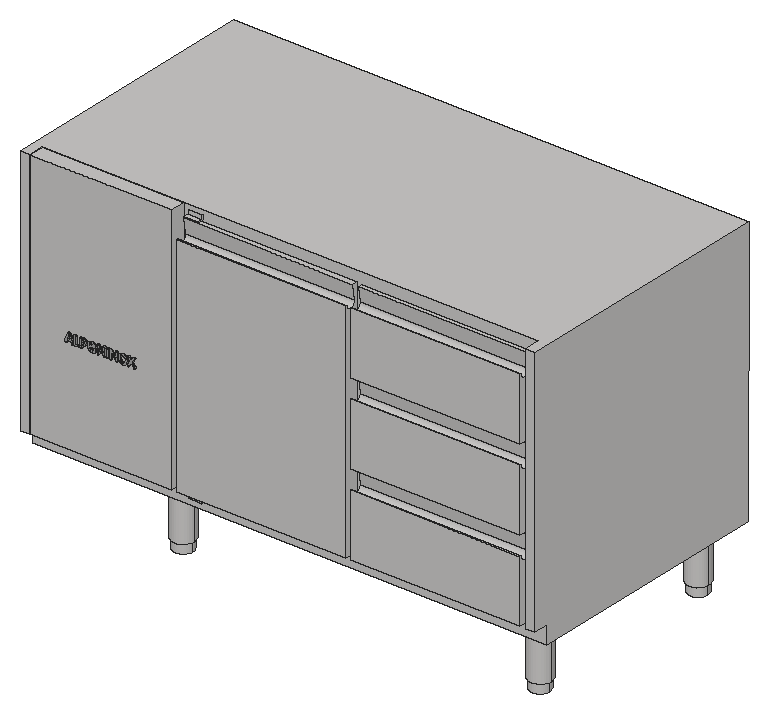
Revit family "QF_ALPENINOX_712009_AH2H7AC", category Specialty Equipment, Revit 2018 (continued)
Definition of nested family "ALP_Cooling Unit"
  Lines and regions (mm)
    Split face 125
      outline origin (55.016, 2, -221.122) x (0, 0, 1) y (-1, 0, 0)
        loop
          arc (510.649, 158.547) -> (506.648, 162.548) -> (502.647, 158.547) r 4.001
          line (502.647, 158.547) -> (502.647, 116.535)
          arc (502.647, 116.535) -> (506.648, 112.533) -> (510.649, 116.535) r 4.001
          line (510.649, 116.535) -> (510.649, 158.547)
    Split face 126
      outline origin (55.016, 2, -233.126) x (0, 0, 1) y (-1, 0, 0)
        loop
          arc (510.649, 158.547) -> (506.648, 162.548) -> (502.647, 158.547) r 4.001
          line (502.647, 158.547) -> (502.647, 116.535)
          arc (502.647, 116.535) -> (506.648, 112.533) -> (510.649, 116.535) r 4.001
          line (510.649, 116.535) -> (510.649, 158.547)
    Split face 127
      outline origin (55.016, 2, -245.129) x (0, 0, 1) y (-1, 0, 0)
        loop
          arc (510.649, 158.547) -> (506.648, 162.548) -> (502.647, 158.547) r 4.001
          line (502.647, 158.547) -> (502.647, 116.535)
          arc (502.647, 116.535) -> (506.648, 112.533) -> (510.649, 116.535) r 4.001
          line (510.649, 116.535) -> (510.649, 158.547)
    Split face 128
      outline origin (55.016, 2, -257.133) x (0, 0, 1) y (-1, 0, 0)
        loop
          arc (510.649, 158.547) -> (506.648, 162.548) -> (502.647, 158.547) r 4.001
          line (502.647, 158.547) -> (502.647, 116.535)
          arc (502.647, 116.535) -> (506.648, 112.533) -> (510.649, 116.535) r 4.001
          line (510.649, 116.535) -> (510.649, 158.547)
    Split face 129
      outline origin (55.016, 2, -269.136) x (0, 0, 1) y (-1, 0, 0)
        loop
          arc (510.649, 158.547) -> (506.648, 162.548) -> (502.647, 158.547) r 4.001
          line (502.647, 158.547) -> (502.647, 116.535)
          arc (502.647, 116.535) -> (506.648, 112.533) -> (510.649, 116.535) r 4.001
          line (510.649, 116.535) -> (510.649, 158.547)
    Split face 130
      outline origin (55.016, 2, -281.14) x (0, 0, 1) y (-1, 0, 0)
        loop
          arc (510.649, 158.547) -> (506.648, 162.548) -> (502.647, 158.547) r 4.001
          line (502.647, 158.547) -> (502.647, 116.535)
          arc (502.647, 116.535) -> (506.648, 112.533) -> (510.649, 116.535) r 4.001
          line (510.649, 116.535) -> (510.649, 158.547)
    Split face 131
      outline origin (55.016, 2, -293.144) x (0, 0, 1) y (-1, 0, 0)
        loop
          arc (510.649, 158.547) -> (506.648, 162.548) -> (502.647, 158.547) r 4.001
          line (502.647, 158.547) -> (502.647, 116.535)
          arc (502.647, 116.535) -> (506.648, 112.533) -> (510.649, 116.535) r 4.001
          line (510.649, 116.535) -> (510.649, 158.547)
    Split face 132
      outline origin (110.032, 2, -113.091) x (0, 0, 1) y (-1, 0, 0)
        loop
          arc (510.649, 158.547) -> (506.648, 162.548) -> (502.647, 158.547) r 4.001
          line (502.647, 158.547) -> (502.647, 116.535)
          arc (502.647, 116.535) -> (506.648, 112.533) -> (510.649, 116.535) r 4.001
          line (510.649, 116.535) -> (510.649, 158.547)
    Split face 133
      outline origin (110.032, 2, -125.094) x (0, 0, 1) y (-1, 0, 0)
        loop
          arc (510.649, 158.547) -> (506.648, 162.548) -> (502.647, 158.547) r 4.001
          line (502.647, 158.547) -> (502.647, 116.535)
          arc (502.647, 116.535) -> (506.648, 112.533) -> (510.649, 116.535) r 4.001
          line (510.649, 116.535) -> (510.649, 158.547)
    Split face 134
      outline origin (110.032, 2, -137.098) x (0, 0, 1) y (-1, 0, 0)
        loop
          arc (510.649, 158.547) -> (506.648, 162.548) -> (502.647, 158.547) r 4.001
          line (502.647, 158.547) -> (502.647, 116.535)
          arc (502.647, 116.535) -> (506.648, 112.533) -> (510.649, 116.535) r 4.001
          line (510.649, 116.535) -> (510.649, 158.547)
    Split face 135
      outline origin (110.032, 2, -149.101) x (0, 0, 1) y (-1, 0, 0)
        loop
          arc (510.649, 158.547) -> (506.648, 162.548) -> (502.647, 158.547) r 4.001
          line (502.647, 158.547) -> (502.647, 116.535)
          arc (502.647, 116.535) -> (506.648, 112.533) -> (510.649, 116.535) r 4.001
          line (510.649, 116.535) -> (510.649, 158.547)
    Split face 136
      outline origin (110.032, 2, -161.105) x (0, 0, 1) y (-1, 0, 0)
        loop
          arc (510.649, 158.547) -> (506.648, 162.548) -> (502.647, 158.547) r 4.001
          line (502.647, 158.547) -> (502.647, 116.535)
          arc (502.647, 116.535) -> (506.648, 112.533) -> (510.649, 116.535) r 4.001
          line (510.649, 116.535) -> (510.649, 158.547)
    Split face 137
      outline origin (110.032, 2, -173.108) x (0, 0, 1) y (-1, 0, 0)
        loop
          arc (510.649, 158.547) -> (506.648, 162.548) -> (502.647, 158.547) r 4.001
          line (502.647, 158.547) -> (502.647, 116.535)
          arc (502.647, 116.535) -> (506.648, 112.533) -> (510.649, 116.535) r 4.001
          line (510.649, 116.535) -> (510.649, 158.547)
    Split face 138
      outline origin (110.032, 2, -185.112) x (0, 0, 1) y (-1, 0, 0)
        loop
          arc (510.649, 158.547) -> (506.648, 162.548) -> (502.647, 158.547) r 4.001
          line (502.647, 158.547) -> (502.647, 116.535)
          arc (502.647, 116.535) -> (506.648, 112.533) -> (510.649, 116.535) r 4.001
          line (510.649, 116.535) -> (510.649, 158.547)
    Split face 139
      outline origin (110.032, 2, -197.115) x (0, 0, 1) y (-1, 0, 0)
        loop
          arc (510.649, 158.547) -> (506.648, 162.548) -> (502.647, 158.547) r 4.001
          line (502.647, 158.547) -> (502.647, 116.535)
          arc (502.647, 116.535) -> (506.648, 112.533) -> (510.649, 116.535) r 4.001
          line (510.649, 116.535) -> (510.649, 158.547)
    Split face 140
      outline origin (110.032, 2, -209.119) x (0, 0, 1) y (-1, 0, 0)
        loop
          arc (510.649, 158.547) -> (506.648, 162.548) -> (502.647, 158.547) r 4.001
          line (502.647, 158.547) -> (502.647, 116.535)
          arc (502.647, 116.535) -> (506.648, 112.533) -> (510.649, 116.535) r 4.001
          line (510.649, 116.535) -> (510.649, 158.547)
    Split face 141
      outline origin (110.032, 2, -221.122) x (0, 0, 1) y (-1, 0, 0)
        loop
          arc (510.649, 158.547) -> (506.648, 162.548) -> (502.647, 158.547) r 4.001
          line (502.647, 158.547) -> (502.647, 116.535)
          arc (502.647, 116.535) -> (506.648, 112.533) -> (510.649, 116.535) r 4.001
          line (510.649, 116.535) -> (510.649, 158.547)
    Split face 142
      outline origin (110.032, 2, -233.126) x (0, 0, 1) y (-1, 0, 0)
        loop
          arc (510.649, 158.547) -> (506.648, 162.548) -> (502.647, 158.547) r 4.001
          line (502.647, 158.547) -> (502.647, 116.535)
          arc (502.647, 116.535) -> (506.648, 112.533) -> (510.649, 116.535) r 4.001
          line (510.649, 116.535) -> (510.649, 158.547)
    Split face 143
      outline origin (110.032, 2, -245.129) x (0, 0, 1) y (-1, 0, 0)
        loop
          arc (510.649, 158.547) -> (506.648, 162.548) -> (502.647, 158.547) r 4.001
          line (502.647, 158.547) -> (502.647, 116.535)
          arc (502.647, 116.535) -> (506.648, 112.533) -> (510.649, 116.535) r 4.001
          line (510.649, 116.535) -> (510.649, 158.547)
    Split face 144
      outline origin (110.032, 2, -257.133) x (0, 0, 1) y (-1, 0, 0)
        loop
          arc (510.649, 158.547) -> (506.648, 162.548) -> (502.647, 158.547) r 4.001
          line (502.647, 158.547) -> (502.647, 116.535)
          arc (502.647, 116.535) -> (506.648, 112.533) -> (510.649, 116.535) r 4.001
          line (510.649, 116.535) -> (510.649, 158.547)
    Split face 145
      outline origin (110.032, 2, -269.136) x (0, 0, 1) y (-1, 0, 0)
        loop
          arc (510.649, 158.547) -> (506.648, 162.548) -> (502.647, 158.547) r 4.001
          line (502.647, 158.547) -> (502.647, 116.535)
          arc (502.647, 116.535) -> (506.648, 112.533) -> (510.649, 116.535) r 4.001
          line (510.649, 116.535) -> (510.649, 158.547)
    Split face 146
      outline origin (110.032, 2, -281.14) x (0, 0, 1) y (-1, 0, 0)
        loop
          arc (510.649, 158.547) -> (506.648, 162.548) -> (502.647, 158.547) r 4.001
          line (502.647, 158.547) -> (502.647, 116.535)
          arc (502.647, 116.535) -> (506.648, 112.533) -> (510.649, 116.535) r 4.001
          line (510.649, 116.535) -> (510.649, 158.547)
    Split face 147
      outline origin (110.032, 2, -293.144) x (0, 0, 1) y (-1, 0, 0)
        loop
          arc (510.649, 158.547) -> (506.648, 162.548) -> (502.647, 158.547) r 4.001
          line (502.647, 158.547) -> (502.647, 116.535)
          arc (502.647, 116.535) -> (506.648, 112.533) -> (510.649, 116.535) r 4.001
          line (510.649, 116.535) -> (510.649, 158.547)
    Split face 148
      outline origin (165.048, 2, -113.091) x (0, 0, 1) y (-1, 0, 0)
        loop
          arc (510.649, 158.547) -> (506.648, 162.548) -> (502.647, 158.547) r 4.001
          line (502.647, 158.547) -> (502.647, 116.535)
          arc (502.647, 116.535) -> (506.648, 112.533) -> (510.649, 116.535) r 4.001
          line (510.649, 116.535) -> (510.649, 158.547)
    Split face 149
      outline origin (165.048, 2, -125.094) x (0, 0, 1) y (-1, 0, 0)
        loop
          arc (510.649, 158.547) -> (506.648, 162.548) -> (502.647, 158.547) r 4.001
          line (502.647, 158.547) -> (502.647, 116.535)
          arc (502.647, 116.535) -> (506.648, 112.533) -> (510.649, 116.535) r 4.001
          line (510.649, 116.535) -> (510.649, 158.547)
    Split face 150
      outline origin (165.048, 2, -137.098) x (0, 0, 1) y (-1, 0, 0)
        loop
          arc (510.649, 158.547) -> (506.648, 162.548) -> (502.647, 158.547) r 4.001
          line (502.647, 158.547) -> (502.647, 116.535)
          arc (502.647, 116.535) -> (506.648, 112.533) -> (510.649, 116.535) r 4.001
          line (510.649, 116.535) -> (510.649, 158.547)
    Split face 151
      outline origin (165.048, 2, -149.101) x (0, 0, 1) y (-1, 0, 0)
        loop
          arc (510.649, 158.547) -> (506.648, 162.548) -> (502.647, 158.547) r 4.001
          line (502.647, 158.547) -> (502.647, 116.535)
          arc (502.647, 116.535) -> (506.648, 112.533) -> (510.649, 116.535) r 4.001
          line (510.649, 116.535) -> (510.649, 158.547)
    Split face 152
      outline origin (165.048, 2, -161.105) x (0, 0, 1) y (-1, 0, 0)
        loop
          arc (510.649, 158.547) -> (506.648, 162.548) -> (502.647, 158.547) r 4.001
          line (502.647, 158.547) -> (502.647, 116.535)
          arc (502.647, 116.535) -> (506.648, 112.533) -> (510.649, 116.535) r 4.001
          line (510.649, 116.535) -> (510.649, 158.547)
    Split face 153
      outline origin (165.048, 2, -173.108) x (0, 0, 1) y (-1, 0, 0)
        loop
          arc (510.649, 158.547) -> (506.648, 162.548) -> (502.647, 158.547) r 4.001
          line (502.647, 158.547) -> (502.647, 116.535)
          arc (502.647, 116.535) -> (506.648, 112.533) -> (510.649, 116.535) r 4.001
          line (510.649, 116.535) -> (510.649, 158.547)
    Split face 154
      outline origin (165.048, 2, -185.112) x (0, 0, 1) y (-1, 0, 0)
        loop
          arc (510.649, 158.547) -> (506.648, 162.548) -> (502.647, 158.547) r 4.001
          line (502.647, 158.547) -> (502.647, 116.535)
          arc (502.647, 116.535) -> (506.648, 112.533) -> (510.649, 116.535) r 4.001
          line (510.649, 116.535) -> (510.649, 158.547)
    Split face 155
      outline origin (165.048, 2, -197.115) x (0, 0, 1) y (-1, 0, 0)
        loop
          arc (510.649, 158.547) -> (506.648, 162.548) -> (502.647, 158.547) r 4.001
          line (502.647, 158.547) -> (502.647, 116.535)
          arc (502.647, 116.535) -> (506.648, 112.533) -> (510.649, 116.535) r 4.001
          line (510.649, 116.535) -> (510.649, 158.547)
    Split face 156
      outline origin (165.048, 2, -209.119) x (0, 0, 1) y (-1, 0, 0)
        loop
          arc (510.649, 158.547) -> (506.648, 162.548) -> (502.647, 158.547) r 4.001
          line (502.647, 158.547) -> (502.647, 116.535)
          arc (502.647, 116.535) -> (506.648, 112.533) -> (510.649, 116.535) r 4.001
          line (510.649, 116.535) -> (510.649, 158.547)
    Split face 157
      outline origin (165.048, 2, -221.122) x (0, 0, 1) y (-1, 0, 0)
        loop
          arc (510.649, 158.547) -> (506.648, 162.548) -> (502.647, 158.547) r 4.001
          line (502.647, 158.547) -> (502.647, 116.535)
          arc (502.647, 116.535) -> (506.648, 112.533) -> (510.649, 116.535) r 4.001
          line (510.649, 116.535) -> (510.649, 158.547)
    Split face 158
      outline origin (165.048, 2, -233.126) x (0, 0, 1) y (-1, 0, 0)
        loop
          arc (510.649, 158.547) -> (506.648, 162.548) -> (502.647, 158.547) r 4.001
          line (502.647, 158.547) -> (502.647, 116.535)
          arc (502.647, 116.535) -> (506.648, 112.533) -> (510.649, 116.535) r 4.001
          line (510.649, 116.535) -> (510.649, 158.547)
    Split face 159
      outline origin (165.048, 2, -245.129) x (0, 0, 1) y (-1, 0, 0)
        loop
          arc (510.649, 158.547) -> (506.648, 162.548) -> (502.647, 158.547) r 4.001
          line (502.647, 158.547) -> (502.647, 116.535)
          arc (502.647, 116.535) -> (506.648, 112.533) -> (510.649, 116.535) r 4.001
          line (510.649, 116.535) -> (510.649, 158.547)
    Split face 160
      outline origin (165.048, 2, -257.133) x (0, 0, 1) y (-1, 0, 0)
        loop
          arc (510.649, 158.547) -> (506.648, 162.548) -> (502.647, 158.547) r 4.001
          line (502.647, 158.547) -> (502.647, 116.535)
          arc (502.647, 116.535) -> (506.648, 112.533) -> (510.649, 116.535) r 4.001
          line (510.649, 116.535) -> (510.649, 158.547)
    Split face 161
      outline origin (165.048, 2, -269.136) x (0, 0, 1) y (-1, 0, 0)
        loop
          arc (510.649, 158.547) -> (506.648, 162.548) -> (502.647, 158.547) r 4.001
          line (502.647, 158.547) -> (502.647, 116.535)
          arc (502.647, 116.535) -> (506.648, 112.533) -> (510.649, 116.535) r 4.001
          line (510.649, 116.535) -> (510.649, 158.547)
    Split face 162
      outline origin (165.048, 2, -281.14) x (0, 0, 1) y (-1, 0, 0)
        loop
          arc (510.649, 158.547) -> (506.648, 162.548) -> (502.647, 158.547) r 4.001
          line (502.647, 158.547) -> (502.647, 116.535)
          arc (502.647, 116.535) -> (506.648, 112.533) -> (510.649, 116.535) r 4.001
          line (510.649, 116.535) -> (510.649, 158.547)
    Split face 163
      outline origin (165.048, 2, -293.144) x (0, 0, 1) y (-1, 0, 0)
        loop
          arc (510.649, 158.547) -> (506.648, 162.548) -> (502.647, 158.547) r 4.001
          line (502.647, 158.547) -> (502.647, 116.535)
          arc (502.647, 116.535) -> (506.648, 112.533) -> (510.649, 116.535) r 4.001
          line (510.649, 116.535) -> (510.649, 158.547)
    Split face 164
      outline origin (220.064, 2, -113.091) x (0, 0, 1) y (-1, 0, 0)
        loop
          arc (510.649, 158.547) -> (506.648, 162.548) -> (502.647, 158.547) r 4.001
          line (502.647, 158.547) -> (502.647, 116.535)
          arc (502.647, 116.535) -> (506.648, 112.533) -> (510.649, 116.535) r 4.001
          line (510.649, 116.535) -> (510.649, 158.547)
    Split face 165
      outline origin (220.064, 2, -125.094) x (0, 0, 1) y (-1, 0, 0)
        loop
          arc (510.649, 158.547) -> (506.648, 162.548) -> (502.647, 158.547) r 4.001
          line (502.647, 158.547) -> (502.647, 116.535)
          arc (502.647, 116.535) -> (506.648, 112.533) -> (510.649, 116.535) r 4.001
          line (510.649, 116.535) -> (510.649, 158.547)
    Split face 166
      outline origin (220.064, 2, -137.098) x (0, 0, 1) y (-1, 0, 0)
        loop
          arc (510.649, 158.547) -> (506.648, 162.548) -> (502.647, 158.547) r 4.001
          line (502.647, 158.547) -> (502.647, 116.535)
          arc (502.647, 116.535) -> (506.648, 112.533) -> (510.649, 116.535) r 4.001
          line (510.649, 116.535) -> (510.649, 158.547)
    Split face 167
      outline origin (220.064, 2, -149.101) x (0, 0, 1) y (-1, 0, 0)
        loop
          arc (510.649, 158.547) -> (506.648, 162.548) -> (502.647, 158.547) r 4.001
          line (502.647, 158.547) -> (502.647, 116.535)
          arc (502.647, 116.535) -> (506.648, 112.533) -> (510.649, 116.535) r 4.001
          line (510.649, 116.535) -> (510.649, 158.547)
    Split face 168
      outline origin (220.064, 2, -161.105) x (0, 0, 1) y (-1, 0, 0)
        loop
          arc (510.649, 158.547) -> (506.648, 162.548) -> (502.647, 158.547) r 4.001
          line (502.647, 158.547) -> (502.647, 116.535)
          arc (502.647, 116.535) -> (506.648, 112.533) -> (510.649, 116.535) r 4.001
          line (510.649, 116.535) -> (510.649, 158.547)
    Split face 169
      outline origin (220.064, 2, -173.108) x (0, 0, 1) y (-1, 0, 0)
        loop
          arc (510.649, 158.547) -> (506.648, 162.548) -> (502.647, 158.547) r 4.001
          line (502.647, 158.547) -> (502.647, 116.535)
          arc (502.647, 116.535) -> (506.648, 112.533) -> (510.649, 116.535) r 4.001
          line (510.649, 116.535) -> (510.649, 158.547)
    Split face 170
      outline origin (220.064, 2, -185.112) x (0, 0, 1) y (-1, 0, 0)
        loop
          arc (510.649, 158.547) -> (506.648, 162.548) -> (502.647, 158.547) r 4.001
          line (502.647, 158.547) -> (502.647, 116.535)
          arc (502.647, 116.535) -> (506.648, 112.533) -> (510.649, 116.535) r 4.001
          line (510.649, 116.535) -> (510.649, 158.547)
    Split face 171
      outline origin (220.064, 2, -197.115) x (0, 0, 1) y (-1, 0, 0)
        loop
          arc (510.649, 158.547) -> (506.648, 162.548) -> (502.647, 158.547) r 4.001
          line (502.647, 158.547) -> (502.647, 116.535)
          arc (502.647, 116.535) -> (506.648, 112.533) -> (510.649, 116.535) r 4.001
          line (510.649, 116.535) -> (510.649, 158.547)
    Split face 172
      outline origin (220.064, 2, -209.119) x (0, 0, 1) y (-1, 0, 0)
        loop
          arc (510.649, 158.547) -> (506.648, 162.548) -> (502.647, 158.547) r 4.001
          line (502.647, 158.547) -> (502.647, 116.535)
          arc (502.647, 116.535) -> (506.648, 112.533) -> (510.649, 116.535) r 4.001
          line (510.649, 116.535) -> (510.649, 158.547)
    Split face 173
      outline origin (220.064, 2, -221.122) x (0, 0, 1) y (-1, 0, 0)
        loop
          arc (510.649, 158.547) -> (506.648, 162.548) -> (502.647, 158.547) r 4.001
          line (502.647, 158.547) -> (502.647, 116.535)
          arc (502.647, 116.535) -> (506.648, 112.533) -> (510.649, 116.535) r 4.001
          line (510.649, 116.535) -> (510.649, 158.547)
    Split face 174
      outline origin (220.064, 2, -233.126) x (0, 0, 1) y (-1, 0, 0)
        loop
          arc (510.649, 158.547) -> (506.648, 162.548) -> (502.647, 158.547) r 4.001
          line (502.647, 158.547) -> (502.647, 116.535)
          arc (502.647, 116.535) -> (506.648, 112.533) -> (510.649, 116.535) r 4.001
          line (510.649, 116.535) -> (510.649, 158.547)
    Split face 175
      outline origin (220.064, 2, -245.129) x (0, 0, 1) y (-1, 0, 0)
        loop
          arc (510.649, 158.547) -> (506.648, 162.548) -> (502.647, 158.547) r 4.001
          line (502.647, 158.547) -> (502.647, 116.535)
          arc (502.647, 116.535) -> (506.648, 112.533) -> (510.649, 116.535) r 4.001
          line (510.649, 116.535) -> (510.649, 158.547)
    Split face 176
      outline origin (220.064, 2, -257.133) x (0, 0, 1) y (-1, 0, 0)
        loop
          arc (510.649, 158.547) -> (506.648, 162.548) -> (502.647, 158.547) r 4.001
          line (502.647, 158.547) -> (502.647, 116.535)
          arc (502.647, 116.535) -> (506.648, 112.533) -> (510.649, 116.535) r 4.001
          line (510.649, 116.535) -> (510.649, 158.547)
    Split face 177
      outline origin (220.064, 2, -269.136) x (0, 0, 1) y (-1, 0, 0)
        loop
          arc (510.649, 158.547) -> (506.648, 162.548) -> (502.647, 158.547) r 4.001
          line (502.647, 158.547) -> (502.647, 116.535)
          arc (502.647, 116.535) -> (506.648, 112.533) -> (510.649, 116.535) r 4.001
          line (510.649, 116.535) -> (510.649, 158.547)
    Split face 178
      outline origin (220.064, 2, -281.14) x (0, 0, 1) y (-1, 0, 0)
        loop
          arc (510.649, 158.547) -> (506.648, 162.548) -> (502.647, 158.547) r 4.001
          line (502.647, 158.547) -> (502.647, 116.535)
          arc (502.647, 116.535) -> (506.648, 112.533) -> (510.649, 116.535) r 4.001
          line (510.649, 116.535) -> (510.649, 158.547)
    Split face 179
      outline origin (220.064, 2, -293.144) x (0, 0, 1) y (-1, 0, 0)
        loop
          arc (510.649, 158.547) -> (506.648, 162.548) -> (502.647, 158.547) r 4.001
          line (502.647, 158.547) -> (502.647, 116.535)
          arc (502.647, 116.535) -> (506.648, 112.533) -> (510.649, 116.535) r 4.001
          line (510.649, 116.535) -> (510.649, 158.547)
    Split face 180
      outline origin (275.081, 2, -113.091) x (0, 0, 1) y (-1, 0, 0)
        loop
          arc (510.649, 158.547) -> (506.648, 162.548) -> (502.647, 158.547) r 4.001
          line (502.647, 158.547) -> (502.647, 116.535)
          arc (502.647, 116.535) -> (506.648, 112.533) -> (510.649, 116.535) r 4.001
          line (510.649, 116.535) -> (510.649, 158.547)
    Split face 181
      outline origin (275.081, 2, -125.094) x (0, 0, 1) y (-1, 0, 0)
        loop
          arc (510.649, 158.547) -> (506.648, 162.548) -> (502.647, 158.547) r 4.001
          line (502.647, 158.547) -> (502.647, 116.535)
          arc (502.647, 116.535) -> (506.648, 112.533) -> (510.649, 116.535) r 4.001
          line (510.649, 116.535) -> (510.649, 158.547)
    Split face 182
      outline origin (275.081, 2, -137.098) x (0, 0, 1) y (-1, 0, 0)
        loop
          arc (510.649, 158.547) -> (506.648, 162.548) -> (502.647, 158.547) r 4.001
          line (502.647, 158.547) -> (502.647, 116.535)
          arc (502.647, 116.535) -> (506.648, 112.533) -> (510.649, 116.535) r 4.001
          line (510.649, 116.535) -> (510.649, 158.547)
    Split face 183
      outline origin (275.081, 2, -149.101) x (0, 0, 1) y (-1, 0, 0)
        loop
          arc (510.649, 158.547) -> (506.648, 162.548) -> (502.647, 158.547) r 4.001
          line (502.647, 158.547) -> (502.647, 116.535)
          arc (502.647, 116.535) -> (506.648, 112.533) -> (510.649, 116.535) r 4.001
          line (510.649, 116.535) -> (510.649, 158.547)
    Split face 184
      outline origin (275.081, 2, -161.105) x (0, 0, 1) y (-1, 0, 0)
        loop
          arc (510.649, 158.547) -> (506.648, 162.548) -> (502.647, 158.547) r 4.001
          line (502.647, 158.547) -> (502.647, 116.535)
          arc (502.647, 116.535) -> (506.648, 112.533) -> (510.649, 116.535) r 4.001
          line (510.649, 116.535) -> (510.649, 158.547)
    Split face 185
      outline origin (275.081, 2, -173.108) x (0, 0, 1) y (-1, 0, 0)
        loop
          arc (510.649, 158.547) -> (506.648, 162.548) -> (502.647, 158.547) r 4.001
          line (502.647, 158.547) -> (502.647, 116.535)
          arc (502.647, 116.535) -> (506.648, 112.533) -> (510.649, 116.535) r 4.001
          line (510.649, 116.535) -> (510.649, 158.547)
    Split face 186
      outline origin (275.081, 2, -185.112) x (0, 0, 1) y (-1, 0, 0)
        loop
          arc (510.649, 158.547) -> (506.648, 162.548) -> (502.647, 158.547) r 4.001
          line (502.647, 158.547) -> (502.647, 116.535)
          arc (502.647, 116.535) -> (506.648, 112.533) -> (510.649, 116.535) r 4.001
          line (510.649, 116.535) -> (510.649, 158.547)
    Split face 187
      outline origin (275.081, 2, -197.115) x (0, 0, 1) y (-1, 0, 0)
        loop
          arc (510.649, 158.547) -> (506.648, 162.548) -> (502.647, 158.547) r 4.001
          line (502.647, 158.547) -> (502.647, 116.535)
          arc (502.647, 116.535) -> (506.648, 112.533) -> (510.649, 116.535) r 4.001
          line (510.649, 116.535) -> (510.649, 158.547)
    Split face 188
      outline origin (275.081, 2, -209.119) x (0, 0, 1) y (-1, 0, 0)
        loop
          arc (510.649, 158.547) -> (506.648, 162.548) -> (502.647, 158.547) r 4.001
          line (502.647, 158.547) -> (502.647, 116.535)
          arc (502.647, 116.535) -> (506.648, 112.533) -> (510.649, 116.535) r 4.001
          line (510.649, 116.535) -> (510.649, 158.547)
    Split face 189
      outline origin (275.081, 2, -221.122) x (0, 0, 1) y (-1, 0, 0)
        loop
          arc (510.649, 158.547) -> (506.648, 162.548) -> (502.647, 158.547) r 4.001
          line (502.647, 158.547) -> (502.647, 116.535)
          arc (502.647, 116.535) -> (506.648, 112.533) -> (510.649, 116.535) r 4.001
          line (510.649, 116.535) -> (510.649, 158.547)
    Split face 190
      outline origin (275.081, 2, -233.126) x (0, 0, 1) y (-1, 0, 0)
        loop
          arc (510.649, 158.547) -> (506.648, 162.548) -> (502.647, 158.547) r 4.001
          line (502.647, 158.547) -> (502.647, 116.535)
          arc (502.647, 116.535) -> (506.648, 112.533) -> (510.649, 116.535) r 4.001
          line (510.649, 116.535) -> (510.649, 158.547)
    Split face 191
      outline origin (275.081, 2, -245.129) x (0, 0, 1) y (-1, 0, 0)
        loop
          arc (510.649, 158.547) -> (506.648, 162.548) -> (502.647, 158.547) r 4.001
          line (502.647, 158.547) -> (502.647, 116.535)
          arc (502.647, 116.535) -> (506.648, 112.533) -> (510.649, 116.535) r 4.001
          line (510.649, 116.535) -> (510.649, 158.547)
    Split face 192
      outline origin (275.081, 2, -257.133) x (0, 0, 1) y (-1, 0, 0)
        loop
          arc (510.649, 158.547) -> (506.648, 162.548) -> (502.647, 158.547) r 4.001
          line (502.647, 158.547) -> (502.647, 116.535)
          arc (502.647, 116.535) -> (506.648, 112.533) -> (510.649, 116.535) r 4.001
          line (510.649, 116.535) -> (510.649, 158.547)
    Split face 193
      outline origin (275.081, 2, -269.136) x (0, 0, 1) y (-1, 0, 0)
        loop
          arc (510.649, 158.547) -> (506.648, 162.548) -> (502.647, 158.547) r 4.001
          line (502.647, 158.547) -> (502.647, 116.535)
          arc (502.647, 116.535) -> (506.648, 112.533) -> (510.649, 116.535) r 4.001
          line (510.649, 116.535) -> (510.649, 158.547)
    Split face 194
      outline origin (275.081, 2, -281.14) x (0, 0, 1) y (-1, 0, 0)
        loop
          arc (510.649, 158.547) -> (506.648, 162.548) -> (502.647, 158.547) r 4.001
          line (502.647, 158.547) -> (502.647, 116.535)
          arc (502.647, 116.535) -> (506.648, 112.533) -> (510.649, 116.535) r 4.001
          line (510.649, 116.535) -> (510.649, 158.547)
    Split face 195
      outline origin (275.081, 2, -293.144) x (0, 0, 1) y (-1, 0, 0)
        loop
          arc (510.649, 158.547) -> (506.648, 162.548) -> (502.647, 158.547) r 4.001
          line (502.647, 158.547) -> (502.647, 116.535)
          arc (502.647, 116.535) -> (506.648, 112.533) -> (510.649, 116.535) r 4.001
          line (510.649, 116.535) -> (510.649, 158.547)
  Dimensions and locks
    aligned and locked: level to plane 2
  Nested families
    nested 1: "ALP_Logo_S" at (0, 2, 458.586) x (1, 0, 0) z (0, -1, 0), visible <- "Show Logo", type "ALP_Logo_S"
  Definition of nested family "ALP_Logo_S"
    Parameters
      Default Elevation = 0 mm
    Reference planes
      plane 1 "Centro (Fronte/Retro)": y = 0
      plane 2: z = 0
      plane 3 "Centro (Sinistra/Destra)": x = 0
    Forms (mm)
      Extrusion 1, solid
        sketch origin (0, 0, 0) x (1, 0, 0) y (0, 1, 0)
          loop
            line (-1219.2, 1219.2) -> (-1219.2, -1219.2) -> (1219.2, -1219.2) -> (1219.2, 1219.2) -> (-1219.2, 1219.2)
        from 0 to -304.8
      Extrusion 2, solid
        sketch origin (17.793, -46.218, 0) x (-1, 0, 0) y (0, -1, 0)
          loop
            line (109.007, -37.469) -> (109.244, -36.361)
            spline (109.244, -36.361) -> (109.221, -36.03) -> (109.153, -35.716) -> (109.043, -35.42) -> (108.895, -35.146) -> (108.713, -34.896) -> (108.498, -34.671) -> (108.255, -34.475) -> (107.987, -34.309) -> (107.697, -34.176) -> (107.388, -34.078) -> (107.064, -34.017) -> (106.728, -33.997)
            spline (106.728, -33.997) -> (106.393, -34.012) -> (106.085, -34.057) -> (105.803, -34.129) -> (105.547, -34.228) -> (105.315, -34.352) -> (105.105, -34.499) -> (104.918, -34.668) -> (104.752, -34.858) -> (104.605, -35.066) -> (104.478, -35.291) -> (104.368, -35.532) -> (104.275, -35.787)
            line (104.275, -35.787) -> (103.256, -38.92) -> (93.799, -38.92) -> (92.773, -35.75)
            spline (92.773, -35.75) -> (92.68, -35.504) -> (92.57, -35.27) -> (92.443, -35.05) -> (92.296, -34.847) -> (92.129, -34.661) -> (91.941, -34.495) -> (91.729, -34.35) -> (91.494, -34.227) -> (91.234, -34.129) -> (90.948, -34.056) -> (90.634, -34.012) -> (90.292, -33.997)
            spline (90.292, -33.997) -> (89.98, -34.015) -> (89.679, -34.07) -> (89.392, -34.16) -> (89.122, -34.282) -> (88.871, -34.436) -> (88.644, -34.618) -> (88.442, -34.828) -> (88.271, -35.063) -> (88.132, -35.322) -> (88.028, -35.604) -> (87.964, -35.905) -> (87.942, -36.225)
            line (87.942, -36.225) -> (88.215, -37.469) -> (94.885, -55.826)
            spline (94.885, -55.826) -> (95.044, -56.22) -> (95.23, -56.593) -> (95.444, -56.943) -> (95.685, -57.268) -> (95.953, -57.564) -> (96.246, -57.829) -> (96.565, -58.06) -> (96.909, -58.255) -> (97.278, -58.412) -> (97.672, -58.527) -> (98.088, -58.597) -> (98.529, -58.622)
            spline (98.529, -58.622) -> (98.953, -58.596) -> (99.359, -58.522) -> (99.746, -58.402) -> (100.112, -58.241) -> (100.457, -58.04) -> (100.78, -57.804) -> (101.078, -57.536) -> (101.351, -57.238) -> (101.599, -56.916) -> (101.818, -56.57) -> (102.009, -56.206) -> (102.171, -55.826)
            line (102.171, -55.826) -> (109.007, -37.469)
          loop
            line (101.794, -43.576) -> (95.326, -43.576) -> (98.522, -53.458) -> (101.794, -43.576)
          loop
            spline (85.755, -36.964) -> (85.735, -36.556) -> (85.675, -36.175) -> (85.576, -35.822) -> (85.439, -35.499) -> (85.266, -35.208) -> (85.056, -34.95) -> (84.812, -34.727) -> (84.534, -34.541) -> (84.223, -34.394) -> (83.881, -34.286) -> (83.507, -34.22) -> (83.104, -34.198)
            line (83.104, -34.198) -> (74.598, -34.198)
            spline (74.598, -34.198) -> (74.236, -34.221) -> (73.9, -34.286) -> (73.592, -34.39) -> (73.311, -34.528) -> (73.058, -34.698) -> (72.835, -34.895) -> (72.641, -35.114) -> (72.478, -35.354) -> (72.347, -35.608) -> (72.247, -35.874) -> (72.181, -36.148) -> (72.148, -36.426)
            spline (72.148, -36.426) -> (72.156, -36.715) -> (72.197, -37.004) -> (72.272, -37.289) -> (72.382, -37.565) -> (72.528, -37.827) -> (72.709, -38.07) -> (72.927, -38.288) -> (73.183, -38.478) -> (73.478, -38.635) -> (73.811, -38.752) -> (74.184, -38.827) -> (74.598, -38.852)
            line (74.598, -38.852) -> (80.653, -38.852) -> (80.653, -55.789)
            spline (80.653, -55.789) -> (80.675, -56.195) -> (80.741, -56.569) -> (80.846, -56.912) -> (80.99, -57.221) -> (81.169, -57.497) -> (81.381, -57.738) -> (81.624, -57.944) -> (81.894, -58.114) -> (82.191, -58.247) -> (82.51, -58.343) -> (82.85, -58.402) -> (83.208, -58.421)
            spline (83.208, -58.421) -> (83.565, -58.402) -> (83.904, -58.343) -> (84.222, -58.247) -> (84.517, -58.114) -> (84.787, -57.944) -> (85.029, -57.738) -> (85.241, -57.497) -> (85.419, -57.221) -> (85.563, -56.912) -> (85.668, -56.569) -> (85.733, -56.195) -> (85.755, -55.789)
            line (85.755, -55.789) -> (85.755, -36.964)
          loop
            spline (69.963, -36.629) -> (69.941, -36.222) -> (69.876, -35.847) -> (69.77, -35.505) -> (69.627, -35.196) -> (69.448, -34.921) -> (69.236, -34.68) -> (68.993, -34.474) -> (68.723, -34.305) -> (68.427, -34.171) -> (68.108, -34.075) -> (67.769, -34.017) -> (67.412, -33.998)
            spline (67.412, -33.998) -> (67.055, -34.017) -> (66.716, -34.075) -> (66.397, -34.171) -> (66.101, -34.305) -> (65.832, -34.474) -> (65.59, -34.68) -> (65.378, -34.921) -> (65.2, -35.196) -> (65.057, -35.505) -> (64.951, -35.847) -> (64.886, -36.222) -> (64.864, -36.629)
            line (64.864, -36.629) -> (64.864, -42.161) -> (61.085, -42.161)
            spline (61.085, -42.161) -> (59.938, -42.224) -> (58.836, -42.411) -> (57.789, -42.717) -> (56.807, -43.139) -> (55.902, -43.671) -> (55.083, -44.311) -> (54.361, -45.053) -> (53.747, -45.894) -> (53.251, -46.829) -> (52.884, -47.854) -> (52.656, -48.965) -> (52.577, -50.158)
            spline (52.577, -50.158) -> (52.653, -51.33) -> (52.875, -52.429) -> (53.235, -53.452) -> (53.724, -54.391) -> (54.334, -55.241) -> (55.057, -55.997) -> (55.884, -56.652) -> (56.807, -57.201) -> (57.817, -57.638) -> (58.906, -57.957) -> (60.067, -58.153) -> (61.289, -58.22)
            line (61.289, -58.22) -> (67.306, -58.22)
            spline (67.306, -58.22) -> (67.716, -58.198) -> (68.095, -58.135) -> (68.44, -58.031) -> (68.752, -57.889) -> (69.031, -57.711) -> (69.274, -57.498) -> (69.482, -57.251) -> (69.653, -56.974) -> (69.788, -56.667) -> (69.885, -56.332) -> (69.944, -55.972) -> (69.963, -55.587)
            line (69.963, -55.587) -> (69.963, -36.629)
          loop
            line (64.864, -53.764) -> (64.864, -46.61) -> (61.384, -46.61)
            spline (61.384, -46.61) -> (60.866, -46.642) -> (60.382, -46.735) -> (59.935, -46.885) -> (59.526, -47.089) -> (59.158, -47.342) -> (58.832, -47.641) -> (58.551, -47.983) -> (58.317, -48.362) -> (58.131, -48.777) -> (57.995, -49.222) -> (57.913, -49.694) -> (57.885, -50.189)
            spline (57.885, -50.189) -> (57.913, -50.684) -> (57.995, -51.156) -> (58.131, -51.601) -> (58.317, -52.015) -> (58.551, -52.394) -> (58.832, -52.735) -> (59.158, -53.034) -> (59.526, -53.287) -> (59.935, -53.49) -> (60.382, -53.64) -> (60.866, -53.733) -> (61.384, -53.764)
            line (61.384, -53.764) -> (64.864, -53.764)
          loop
            spline (32.388, -43.737) -> (31.645, -43.763) -> (30.977, -43.84) -> (30.381, -43.966) -> (29.857, -44.139) -> (29.401, -44.355) -> (29.012, -44.613) -> (28.688, -44.91) -> (28.428, -45.245) -> (28.228, -45.614) -> (28.088, -46.015) -> (28.006, -46.447) -> (27.979, -46.906)
            spline (27.979, -46.906) -> (28.073, -48.241) -> (28.349, -49.591) -> (28.801, -50.931) -> (29.42, -52.236) -> (30.198, -53.481) -> (31.128, -54.642) -> (32.202, -55.693) -> (33.412, -56.608) -> (34.751, -57.364) -> (36.211, -57.935) -> (37.784, -58.296) -> (39.462, -58.422)
            spline (39.462, -58.422) -> (41.103, -58.303) -> (42.649, -57.959) -> (44.091, -57.408) -> (45.422, -56.668) -> (46.63, -55.759) -> (47.707, -54.697) -> (48.644, -53.501) -> (49.431, -52.19) -> (50.059, -50.782) -> (50.52, -49.295) -> (50.803, -47.748) -> (50.899, -46.159)
            spline (50.899, -46.159) -> (50.801, -44.451) -> (50.511, -42.83) -> (50.039, -41.308) -> (49.392, -39.896) -> (48.579, -38.607) -> (47.608, -37.451) -> (46.488, -36.441) -> (45.226, -35.588) -> (43.831, -34.905) -> (42.311, -34.402) -> (40.675, -34.091) -> (38.93, -33.985)
            spline (38.93, -33.985) -> (37.728, -34.039) -> (36.511, -34.193) -> (35.301, -34.44) -> (34.12, -34.77) -> (32.993, -35.175) -> (31.942, -35.645) -> (30.99, -36.172) -> (30.16, -36.746) -> (29.474, -37.36) -> (28.956, -38.004) -> (28.628, -38.669) -> (28.514, -39.347)
            spline (28.514, -39.347) -> (28.53, -39.685) -> (28.577, -40.017) -> (28.656, -40.338) -> (28.765, -40.643) -> (28.905, -40.928) -> (29.073, -41.19) -> (29.27, -41.423) -> (29.495, -41.623) -> (29.748, -41.787) -> (30.028, -41.91) -> (30.333, -41.987) -> (30.665, -42.014)
            spline (30.665, -42.014) -> (31.199, -41.95) -> (31.712, -41.768) -> (32.22, -41.491) -> (32.738, -41.145) -> (33.281, -40.752) -> (33.868, -40.337) -> (34.512, -39.924) -> (35.23, -39.537) -> (36.038, -39.199) -> (36.952, -38.934) -> (37.987, -38.768) -> (39.161, -38.722)
            spline (39.161, -38.722) -> (39.894, -38.774) -> (40.606, -38.897) -> (41.291, -39.091) -> (41.943, -39.354) -> (42.554, -39.684) -> (43.119, -40.08) -> (43.632, -40.54) -> (44.086, -41.061) -> (44.475, -41.643) -> (44.792, -42.285) -> (45.032, -42.983) -> (45.188, -43.737)
            line (45.188, -43.737) -> (32.388, -43.737)
          loop
            line (45.321, -48.475) -> (33.559, -48.475)
            spline (33.559, -48.475) -> (33.693, -49.163) -> (33.914, -49.841) -> (34.214, -50.497) -> (34.588, -51.123) -> (35.029, -51.71) -> (35.531, -52.248) -> (36.087, -52.729) -> (36.691, -53.143) -> (37.337, -53.481) -> (38.018, -53.734) -> (38.729, -53.893) -> (39.462, -53.948)
            spline (39.462, -53.948) -> (40.168, -53.891) -> (40.86, -53.728) -> (41.531, -53.468) -> (42.173, -53.123) -> (42.779, -52.701) -> (43.339, -52.214) -> (43.847, -51.671) -> (44.295, -51.082) -> (44.674, -50.458) -> (44.976, -49.809) -> (45.195, -49.144) -> (45.321, -48.475)
          loop
            spline (25.297, -36.629) -> (25.275, -36.222) -> (25.209, -35.847) -> (25.103, -35.505) -> (24.958, -35.196) -> (24.779, -34.92) -> (24.566, -34.679) -> (24.323, -34.474) -> (24.052, -34.304) -> (23.755, -34.17) -> (23.436, -34.074) -> (23.096, -34.016) -> (22.739, -33.997)
            spline (22.739, -33.997) -> (22.382, -34.016) -> (22.043, -34.074) -> (21.724, -34.17) -> (21.429, -34.304) -> (21.158, -34.474) -> (20.916, -34.679) -> (20.704, -34.92) -> (20.525, -35.196) -> (20.382, -35.505) -> (20.276, -35.847) -> (20.211, -36.222) -> (20.189, -36.629)
            line (20.189, -36.629) -> (20.189, -49.304) -> (9.333, -35.11) -> (7.187, -33.997)
            spline (7.187, -33.997) -> (6.83, -34.016) -> (6.49, -34.074) -> (6.172, -34.17) -> (5.876, -34.304) -> (5.606, -34.474) -> (5.363, -34.679) -> (5.151, -34.92) -> (4.972, -35.196) -> (4.829, -35.505) -> (4.723, -35.847) -> (4.658, -36.222) -> (4.636, -36.629)
            line (4.636, -36.629) -> (4.636, -55.789)
            spline (4.636, -55.789) -> (4.658, -56.195) -> (4.723, -56.569) -> (4.829, -56.912) -> (4.972, -57.221) -> (5.151, -57.497) -> (5.363, -57.738) -> (5.606, -57.944) -> (5.876, -58.114) -> (6.172, -58.247) -> (6.49, -58.343) -> (6.83, -58.402) -> (7.187, -58.421)
            spline (7.187, -58.421) -> (7.545, -58.402) -> (7.885, -58.343) -> (8.204, -58.247) -> (8.5, -58.114) -> (8.771, -57.944) -> (9.014, -57.738) -> (9.226, -57.497) -> (9.405, -57.221) -> (9.549, -56.912) -> (9.654, -56.569) -> (9.719, -56.195) -> (9.742, -55.789)
            line (9.742, -55.789) -> (9.742, -42.947) -> (20.597, -57.305) -> (22.739, -58.421)
            spline (22.739, -58.421) -> (23.096, -58.402) -> (23.436, -58.343) -> (23.755, -58.247) -> (24.052, -58.114) -> (24.323, -57.944) -> (24.566, -57.738) -> (24.779, -57.497) -> (24.958, -57.221) -> (25.103, -56.912) -> (25.209, -56.569) -> (25.275, -56.195) -> (25.297, -55.789)
            line (25.297, -55.789) -> (25.297, -36.629)
          loop
            spline (1.445, -36.629) -> (1.422, -36.222) -> (1.357, -35.847) -> (1.252, -35.505) -> (1.108, -35.196) -> (0.929, -34.92) -> (0.717, -34.679) -> (0.475, -34.474) -> (0.204, -34.304) -> (-0.092, -34.17) -> (-0.411, -34.074) -> (-0.751, -34.016) -> (-1.109, -33.997)
            spline (-1.109, -33.997) -> (-1.467, -34.016) -> (-1.807, -34.074) -> (-2.125, -34.17) -> (-2.421, -34.304) -> (-2.691, -34.474) -> (-2.933, -34.679) -> (-3.145, -34.92) -> (-3.324, -35.196) -> (-3.467, -35.505) -> (-3.572, -35.847) -> (-3.637, -36.222) -> (-3.659, -36.629)
            line (-3.659, -36.629) -> (-3.659, -55.789)
            spline (-3.659, -55.789) -> (-3.637, -56.195) -> (-3.572, -56.569) -> (-3.467, -56.912) -> (-3.324, -57.221) -> (-3.145, -57.497) -> (-2.933, -57.738) -> (-2.691, -57.944) -> (-2.421, -58.114) -> (-2.125, -58.247) -> (-1.807, -58.343) -> (-1.467, -58.402) -> (-1.109, -58.421)
            spline (-1.109, -58.421) -> (-0.751, -58.402) -> (-0.411, -58.343) -> (-0.092, -58.247) -> (0.204, -58.114) -> (0.475, -57.944) -> (0.717, -57.738) -> (0.929, -57.497) -> (1.108, -57.221) -> (1.252, -56.912) -> (1.357, -56.569) -> (1.422, -56.195) -> (1.445, -55.789)
            line (1.445, -55.789) -> (1.445, -36.629)
          loop
            spline (-6.852, -36.629) -> (-6.875, -36.222) -> (-6.94, -35.847) -> (-7.045, -35.505) -> (-7.189, -35.196) -> (-7.368, -34.92) -> (-7.58, -34.679) -> (-7.822, -34.474) -> (-8.092, -34.304) -> (-8.388, -34.17) -> (-8.706, -34.074) -> (-9.046, -34.016) -> (-9.403, -33.997)
            spline (-9.403, -33.997) -> (-9.76, -34.016) -> (-10.1, -34.074) -> (-10.42, -34.17) -> (-10.716, -34.304) -> (-10.987, -34.474) -> (-11.23, -34.679) -> (-11.442, -34.92) -> (-11.621, -35.196) -> (-11.765, -35.505) -> (-11.871, -35.847) -> (-11.936, -36.222) -> (-11.958, -36.629)
            line (-11.958, -36.629) -> (-11.958, -49.304) -> (-22.814, -35.11) -> (-24.958, -33.997)
            spline (-24.958, -33.997) -> (-25.315, -34.016) -> (-25.655, -34.074) -> (-25.974, -34.17) -> (-26.27, -34.304) -> (-26.541, -34.474) -> (-26.784, -34.679) -> (-26.996, -34.92) -> (-27.175, -35.196) -> (-27.319, -35.505) -> (-27.424, -35.847) -> (-27.49, -36.222) -> (-27.512, -36.629)
            line (-27.512, -36.629) -> (-27.512, -55.789)
            spline (-27.512, -55.789) -> (-27.49, -56.195) -> (-27.424, -56.569) -> (-27.319, -56.912) -> (-27.175, -57.221) -> (-26.996, -57.497) -> (-26.784, -57.738) -> (-26.541, -57.944) -> (-26.27, -58.114) -> (-25.974, -58.247) -> (-25.655, -58.343) -> (-25.315, -58.402) -> (-24.958, -58.421)
            spline (-24.958, -58.421) -> (-24.6, -58.402) -> (-24.26, -58.343) -> (-23.941, -58.247) -> (-23.646, -58.114) -> (-23.375, -57.944) -> (-23.133, -57.738) -> (-22.921, -57.497) -> (-22.743, -57.221) -> (-22.599, -56.912) -> (-22.494, -56.569) -> (-22.429, -56.195) -> (-22.407, -55.789)
            line (-22.407, -55.789) -> (-22.407, -42.949) -> (-11.549, -57.305) -> (-9.403, -58.421)
            spline (-9.403, -58.421) -> (-9.046, -58.402) -> (-8.706, -58.343) -> (-8.388, -58.247) -> (-8.092, -58.114) -> (-7.822, -57.944) -> (-7.58, -57.738) -> (-7.368, -57.497) -> (-7.189, -57.221) -> (-7.045, -56.912) -> (-6.94, -56.569) -> (-6.875, -56.195) -> (-6.852, -55.789)
            line (-6.852, -55.789) -> (-6.852, -36.629)
          loop
            spline (-41.905, -33.794) -> (-43.601, -33.905) -> (-45.194, -34.229) -> (-46.677, -34.752) -> (-48.04, -35.461) -> (-49.275, -36.342) -> (-50.373, -37.383) -> (-51.326, -38.569) -> (-52.125, -39.887) -> (-52.761, -41.323) -> (-53.226, -42.864) -> (-53.512, -44.497) -> (-53.609, -46.208)
            spline (-53.609, -46.208) -> (-53.509, -47.892) -> (-53.217, -49.507) -> (-52.742, -51.038) -> (-52.094, -52.472) -> (-51.284, -53.792) -> (-50.321, -54.984) -> (-49.216, -56.034) -> (-47.978, -56.926) -> (-46.618, -57.646) -> (-45.146, -58.178) -> (-43.572, -58.509) -> (-41.905, -58.622)
            spline (-41.905, -58.622) -> (-40.216, -58.512) -> (-38.628, -58.19) -> (-37.148, -57.669) -> (-35.785, -56.962) -> (-34.549, -56.084) -> (-33.449, -55.046) -> (-32.493, -53.861) -> (-31.691, -52.544) -> (-31.051, -51.107) -> (-30.583, -49.563) -> (-30.296, -47.926) -> (-30.198, -46.208)
            spline (-30.198, -46.208) -> (-30.296, -44.497) -> (-30.585, -42.864) -> (-31.055, -41.323) -> (-31.697, -39.887) -> (-32.502, -38.569) -> (-33.46, -37.383) -> (-34.562, -36.342) -> (-35.798, -35.461) -> (-37.16, -34.752) -> (-38.638, -34.229) -> (-40.223, -33.905) -> (-41.905, -33.794)
          loop
            spline (-41.905, -38.45) -> (-42.938, -38.524) -> (-43.878, -38.739) -> (-44.726, -39.084) -> (-45.482, -39.548) -> (-46.147, -40.119) -> (-46.722, -40.787) -> (-47.206, -41.541) -> (-47.601, -42.37) -> (-47.907, -43.262) -> (-48.125, -44.206) -> (-48.256, -45.192) -> (-48.299, -46.208)
            spline (-48.299, -46.208) -> (-48.255, -47.219) -> (-48.121, -48.201) -> (-47.898, -49.143) -> (-47.586, -50.035) -> (-47.186, -50.863) -> (-46.697, -51.619) -> (-46.119, -52.289) -> (-45.453, -52.862) -> (-44.698, -53.328) -> (-43.855, -53.675) -> (-42.924, -53.891) -> (-41.905, -53.966)
            spline (-41.905, -53.966) -> (-40.885, -53.891) -> (-39.953, -53.675) -> (-39.109, -53.328) -> (-38.354, -52.862) -> (-37.688, -52.289) -> (-37.11, -51.619) -> (-36.62, -50.863) -> (-36.22, -50.035) -> (-35.908, -49.143) -> (-35.685, -48.201) -> (-35.551, -47.219) -> (-35.507, -46.208)
            spline (-35.507, -46.208) -> (-35.55, -45.192) -> (-35.68, -44.206) -> (-35.898, -43.262) -> (-36.204, -42.37) -> (-36.599, -41.541) -> (-37.084, -40.787) -> (-37.659, -40.119) -> (-38.324, -39.548) -> (-39.081, -39.084) -> (-39.929, -38.739) -> (-40.87, -38.524) -> (-41.905, -38.45)
          loop
            line (-53.681, -38.08) -> (-53.106, -36.361)
            spline (-53.106, -36.361) -> (-53.128, -36.016) -> (-53.193, -35.692) -> (-53.299, -35.392) -> (-53.443, -35.116) -> (-53.623, -34.867) -> (-53.837, -34.646) -> (-54.082, -34.454) -> (-54.355, -34.294) -> (-54.656, -34.166) -> (-54.98, -34.073) -> (-55.327, -34.016) -> (-55.693, -33.997)
            spline (-55.693, -33.997) -> (-55.917, -34.005) -> (-56.131, -34.03) -> (-56.336, -34.071) -> (-56.532, -34.129) -> (-56.72, -34.201) -> (-56.899, -34.289) -> (-57.069, -34.391) -> (-57.231, -34.508) -> (-57.386, -34.639) -> (-57.532, -34.783) -> (-57.67, -34.94) -> (-57.8, -35.11)
            line (-57.8, -35.11) -> (-63.381, -42.802) -> (-68.963, -35.11)
            spline (-68.963, -35.11) -> (-69.095, -34.94) -> (-69.233, -34.783) -> (-69.379, -34.639) -> (-69.533, -34.508) -> (-69.695, -34.391) -> (-69.866, -34.289) -> (-70.044, -34.201) -> (-70.232, -34.129) -> (-70.429, -34.071) -> (-70.634, -34.03) -> (-70.85, -34.005) -> (-71.075, -33.997)
            spline (-71.075, -33.997) -> (-71.44, -34.016) -> (-71.785, -34.073) -> (-72.109, -34.166) -> (-72.409, -34.294) -> (-72.682, -34.454) -> (-72.927, -34.646) -> (-73.141, -34.867) -> (-73.321, -35.116) -> (-73.466, -35.392) -> (-73.572, -35.692) -> (-73.637, -36.016) -> (-73.659, -36.361)
            line (-73.659, -36.361) -> (-73.081, -38.08) -> (-66.345, -47.048) -> (-71.856, -54.473) -> (-72.401, -55.959)
            spline (-72.401, -55.959) -> (-72.378, -56.319) -> (-72.311, -56.656) -> (-72.203, -56.969) -> (-72.055, -57.256) -> (-71.872, -57.516) -> (-71.656, -57.746) -> (-71.409, -57.945) -> (-71.134, -58.112) -> (-70.834, -58.245) -> (-70.512, -58.342) -> (-70.171, -58.402) -> (-69.812, -58.422)
            spline (-69.812, -58.422) -> (-69.6, -58.41) -> (-69.387, -58.376) -> (-69.176, -58.322) -> (-68.968, -58.248) -> (-68.765, -58.157) -> (-68.568, -58.05) -> (-68.379, -57.93) -> (-68.199, -57.796) -> (-68.03, -57.652) -> (-67.873, -57.499) -> (-67.731, -57.339) -> (-67.603, -57.172)
            line (-67.603, -57.172) -> (-63.381, -51.236) -> (-59.162, -57.172)
            spline (-59.162, -57.172) -> (-59.034, -57.339) -> (-58.892, -57.499) -> (-58.735, -57.652) -> (-58.566, -57.796) -> (-58.386, -57.93) -> (-58.197, -58.05) -> (-58, -58.157) -> (-57.796, -58.248) -> (-57.588, -58.322) -> (-57.377, -58.376) -> (-57.165, -58.41) -> (-56.952, -58.422)
            spline (-56.952, -58.422) -> (-56.594, -58.402) -> (-56.253, -58.342) -> (-55.931, -58.245) -> (-55.632, -58.112) -> (-55.358, -57.945) -> (-55.111, -57.746) -> (-54.895, -57.516) -> (-54.712, -57.256) -> (-54.564, -56.969) -> (-54.456, -56.656) -> (-54.389, -56.319) -> (-54.366, -55.959)
            line (-54.366, -55.959) -> (-54.909, -54.473) -> (-60.423, -47.048) -> (-53.681, -38.08)
        from 0 to 1.644
    Dimensions and locks
      aligned and locked: plane 2 to Extrusion 1
      aligned and locked: level to Extrusion 1
Definition of nested family "Refrigerator"
  Reference planes
    plane 1 "Center (Front/Back)": y = 0
    plane 2: z = 0
    plane 3 "Center (Left/Right)": x = 0
  Lines and regions (mm)
    detail lines, in view "Ref. Level"
      curve 1: spline (-500, 190, 0) -> (-493.185, 166.706, 0) -> (-473.205, 145, 0) -> (-441.421, 126.36, 0) -> (-400, 112.058, 0) -> (-351.764, 103.067, 0) -> (-300, 100, 0) -> (-248.236, 103.067, 0) -> (-200, 112.058, 0) -> (-158.579, 126.36, 0) -> (-126.795, 145, 0) -> (-106.815, 166.706, 0) -> (-100, 190, 0) -> (-106.815, 213.294, 0) -> (-126.795, 235, 0) -> (-158.579, 253.64, 0) -> (-200, 267.942, 0) -> (-248.236, 276.933, 0) -> (-300, 280, 0) -> (-351.764, 276.933, 0) -> (-400, 267.942, 0) -> (-441.421, 253.64, 0) -> (-473.205, 235, 0) -> (-493.185, 213.294, 0) -> (-500, 190, 0)
      curve 2: line (-300, 130, 0) -> (-300, 250, 0)
      curve 3: line (-351.962, 220, 0) -> (-248.038, 160, 0)
      curve 4: line (-351.962, 160, 0) -> (-248.038, 220, 0)
      curve 5: line (-280.884, 246.873, 0) -> (-300, 225, 0)
      curve 6: line (-300, 225, 0) -> (-319.116, 246.873, 0)
      curve 7: line (-330.311, 207.5, 0) -> (-339.696, 234.992, 0)
      curve 8: line (-358.812, 201.882, 0) -> (-330.311, 207.5, 0)
      curve 9: line (-330.311, 172.5, 0) -> (-358.812, 178.118, 0)
      curve 10: line (-339.696, 145.008, 0) -> (-330.311, 172.5, 0)
      curve 11: line (-300, 155, 0) -> (-319.116, 133.127, 0)
      curve 12: line (-280.884, 133.127, 0) -> (-300, 155, 0)
      curve 13: line (-269.689, 172.5, 0) -> (-260.304, 145.008, 0)
      curve 14: line (-241.188, 178.118, 0) -> (-269.689, 172.5, 0)
      curve 15: line (-269.689, 207.5, 0) -> (-241.188, 201.882, 0)
      curve 16: line (-260.304, 234.992, 0) -> (-269.689, 207.5, 0)
